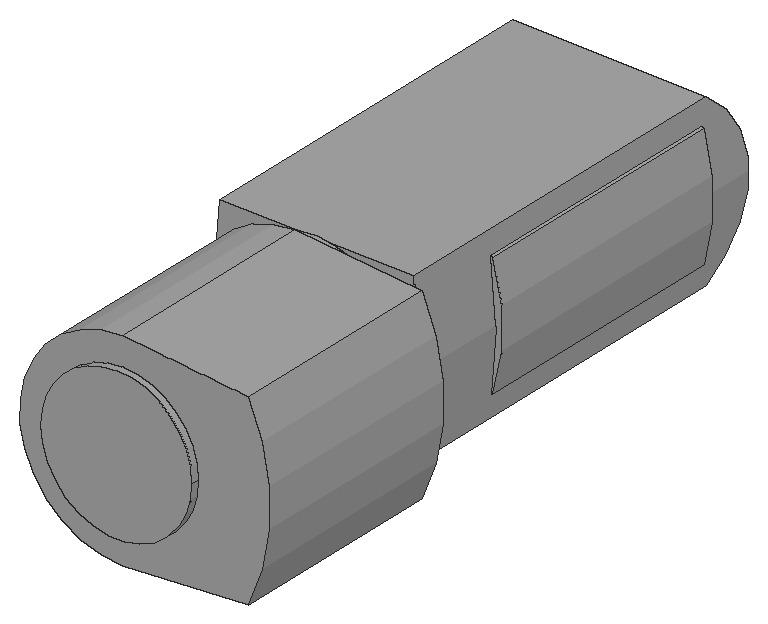
Revit family
Parameters (values of type "True Day/Night, AC/DC")
  z Video Out Side = 2.08661"
  z Video Out Height = 1.45669"
  z Side Edges = 2.48031"
  z Side Edge Right = 1.24016"
  z Side Edge Left = 1.24016"
  z Side Curves = 6.69291"
  z No Face Distance = 1.19291"
  z Mask Front = 0.000"  # constant formula
  z Mask Back = 5.47656"
  z Front Radius = 1.10236"
  z Front Depth = 0.22441"
  z Face Visibility = yes
  z Cosshairs = 1.41732"
  z Cam Type 2 = no
  z Cam Type 1 = yes
  z Back Radius = 1.3102"
  z Back Cut = 3.36614"
  z Back Cavity Width = 2.06698"
  z Back Cacity = 4.73318"
  z 300 310 = no
  z 290 Sides = yes
  z 290 Back = no
  z 284 Visible = no
  Width = 2.938"
  Wide Dynamic Range (Super Dynamic) = no
  Weight = 0.73 lbf
  Voltage AC = 24 V
  Vandal Resistant = no
  URL = "http://security.panasonic.com/pss/security/"
  Storage Temperature = "14°F - 122°F"  # constant formula
  Regulatory Compliance = "UL (UL60065), FCC (Part15 ClassA), C-UL (E60065), DOC (ICES003 ClassA)"
  Provide Feedback = "https://www.surveymonkey.com/s/95FL6QY"
  Product Page URL = "http://panasonic.net/pss/security/products/an/fc00.html#WVCP290"
  Product Material = Paint - Panasonic - Silver
  Product Documentation Link = "http://panasonic.net/pss/security/products/pdf/WV-CP290_2A-055AL.pdf"
  Power Active = 2.9 W
  Part Number = Model  # "WV-CP294"
  Part Description = Description  # "Day/Night Surveillance Camera"
  Original Creation Date = "August 13, 2012"
  Operational Temperature = "14°F - 122°F"  # constant formula
  Operational Humidity = "90% or less (without condensation)"
  Mounting Positions = "Mount Dependent"
  Model Disclaimer = "Contact Panasonic for more information"  # constant formula
  Model = "WV-CP294"
  Minimum Illumination = 0.6 lx
  Manufacturer = "Panasonic"  # constant formula
  Lens Selection [instance] = Family Lenses 27 : WV-LZ61/15
  Lens Mount = "CS Mount"
  Indoor Or Outdoor = "Indoor"
  IP Or Analog = "Analog"
  Height = 2.563"
  Family Version = "1.0.0"
  Equipment Number = " "
  Equipment Abbreviation = "SC"
  Description = "Day/Night Surveillance Camera"
  Depth = 5.375"
  Day Or Night = "Yes"
  Date Last Modified = "August 13, 2012"
  Copyright = "Copyright © Panasonic"  # constant formula
  Communication Ports = "BNC (1 Vp-p)"
  Auto Back Focus = no
  Assembly Code = ""
  Angle Of View = "Lens Dependent"
  Alarm Input Or Output Specification = " "
Types (10): name | z Video Out Side | z Video Out Height | z No Face Distance | z Mask Back | z Front Radius | z Face Visibility | z Cosshairs | z Cam Type 2 | z Cam Type 1 | z Back Cut | z Back Cacity | z 300 310 | z 290 Sides | z 290 Back | z 284 Visible | Width | Wide Dynamic Range (Super Dynamic) | Weight | Voltage AC | Regulatory Compliance | Product Page URL | Product Documentation Link | Power Active | Part Number | Part Description | Model | Minimum Illumination | Height | Description | Depth | Auto Back Focus | Alarm Input Or Output Specification
  High-Performance DSP, AC | 0.72835" | 0.7874" | 1.19291" | 5.47894" | 1.05118" | yes | 1.41732" | no | yes | 3.36614" | 4.73318" | no | no | no | no | 2.625" | no | 1.12 lbf | 120 V | "FCC (Part15 ClassA)" | "http://panasonic.net/pss/security/products/an/fc00.html#WVCP280" | "http://panasonic.net/pss/security/products/pdf/WV-CP280_2P-544C.pdf" | 3.4 W | "WV-CP280" | "Day/Night Surveillance Camera" | "WV-CP280" | 0.6 lx | 2.563" | "Day/Night Surveillance Camera" | 5.500" | no | " "
  High-Performance DSP, AC/DC | 0.72835" | 0.7874" | 1.19291" | 5.47308" | 1.05118" | yes | 1.41732" | no | yes | 3.36614" | 4.73318" | no | no | no | yes | 2.625" | no | 0.77 lbf | 24 V | "FCC (Part15 ClassA)" | "http://panasonic.net/pss/security/products/an/fc00.html#WVCP280" | "http://panasonic.net/pss/security/products/pdf/WV-CP280_2P-544C.pdf" | 2.7 W | "WV-CP284" | "Day/Night Surveillance Camera" | "WV-CP284" | 0.6 lx | 2.563" | "Day/Night Surveillance Camera" | 5.500" | no | " "
  True Day/Night, AC | 2.08661" | 1.45669" | 1.19291" | 5.47894" | 1.10236" | yes | 1.41732" | no | yes | 3.36614" | 4.73318" | no | yes | yes | no | 2.938" | no | 0.80 lbf | 120 V | "UL (UL60065), FCC (Part15 ClassA), C-UL (E60065), DOC (ICES003 ClassA)" | "http://panasonic.net/pss/security/products/an/fc00.html#WVCP290" | "http://panasonic.net/pss/security/products/pdf/WV-CP290_2A-055AL.pdf" | 2.5 W | "WV-CP290" | "Day/Night Surveillance Camera" | "WV-CP290" | 0.6 lx | 2.563" | "Day/Night Surveillance Camera" | 5.375" | no | " "
  True Day/Night, AC/DC | 2.08661" | 1.45669" | 1.19291" | 5.47656" | 1.10236" | yes | 1.41732" | no | yes | 3.36614" | 4.73318" | no | yes | no | no | 2.938" | no | 0.73 lbf | 24 V | "UL (UL60065), FCC (Part15 ClassA), C-UL (E60065), DOC (ICES003 ClassA)" | "http://panasonic.net/pss/security/products/an/fc00.html#WVCP290" | "http://panasonic.net/pss/security/products/pdf/WV-CP290_2A-055AL.pdf" | 2.9 W | "WV-CP294" | "Day/Night Surveillance Camera" | "WV-CP294" | 0.6 lx | 2.563" | "Day/Night Surveillance Camera" | 5.375" | no | " "
  Day/Night, with ABS, AC | 2.08661" | 1.45669" | 1.41732" | 5.48675" | 1.10236" | no | 1.19291" | no | yes | 3.36614" | 4.73318" | no | yes | yes | no | 2.938" | yes | 0.93 lbf | 120 V | "UL (UL60065), FCC (Part15 ClassA), C-UL (CAN/CSA C22.2 No.60065), DOC (ICES003 ClassA)" | "http://panasonic.net/pss/security/products/an/fc00.html#WVCP500" | "http://panasonic.net/pss/security/products/pdf/WV-CP500_2A-043CL.pdf" | 3.2 W | "WV-CP500" | "Super Dynamic 5 Day/Night Camera with ABS" | "WV-CP500" | 0.1 lx | 2.563" | "Super Dynamic 5 Day/Night Camera with ABS" | 5.188" | no | "ALARM IN: 1 (OFF / ALARM / VMD PERMIT / BW / SCENE2) ALARM OUT: 1 (OFF / ALARM / BW)"
  Day/Night, with ABS and ABF, AC/DC | 0.72835" | 1.45669" | 1.41732" | 4.27734" | 1.10236" | no | 1.19291" | no | yes | 2.16535" | 3.54331" | no | yes | no | no | 2.813" | yes | 0.75 lbf | 24 V | "UL (UL60065), FCC (Part15 ClassA), C-UL (CAN/CSA C22.2 No.60065), DOC (ICES003 ClassA)" | "http://panasonic.net/pss/security/products/an/fc00.html#WVCP500" | "http://panasonic.net/pss/security/products/pdf/WV-CP500_2A-043CL.pdf" | 3.6 W | "WV-CP504" | "Super Dynamic 5 Day/Night Camera with ABS" | "WV-CP504" | 0.1 lx | 2.563" | "Super Dynamic 5 Day/Night Camera with ABS" | 4.063" | yes | "ALARM IN: 1 (OFF / ALARM / VMD PERMIT / BW / SCENE2) ALARM OUT: 1 (OFF / ALARM / BW)"
  Compact Day/Night - Electorical, AC | 1.88976" | 1.06299" | 1.41732" | 5.500" | 1.10236" | no | 1.41732" | yes | no | 3.36614" | 3.93701" | yes | no | no | no | 2.835" | yes | 0.42 lbf | 120 V | "UL (UL60065), FCC (Part 15 ClassA), C-UL (E60065), DOC (ICES-003)" | "http://panasonic.net/pss/security/products/an/fc00.html#WVCP300" | "http://ssbu-t.psn-web.net/Products/Analogue_camera/WV-CP300_Series/Specsheet/English/NTSC/WV-CP300_2A-082AL.pdf" | 1.9 W | "WV-CP300" | "Compact Day/Night Fixed Camera" | "WV-CP300" | 0.8 lx | 2.165" | "Compact Day/Night Fixed Camera" | 3.976" | no | " "
  Compact Day/Night - IR, AC | 1.88976" | 1.06299" | 1.41732" | 5.47894" | 1.10236" | no | 1.41732" | yes | no | 3.36614" | 3.93701" | yes | no | no | no | 2.835" | yes | 0.42 lbf | 120 V | "UL (UL60065), FCC (Part 15 ClassA), C-UL (E60065), DOC (ICES-003)" | "http://panasonic.net/pss/security/products/an/fc00.html#WVCP310" | "http://ssbu-t.psn-web.net/Products/Analogue_camera/WV-CP300_Series/Specsheet/English/NTSC/WV-CP300_2A-082AL.pdf" | 1.9 W | "WV-CP310" | "Compact Day/Night Fixed Camera" | "WV-CP310" | 0.8 lx | 2.165" | "Compact Day/Night Fixed Camera" | 3.976" | no | " "
  Compact Day/Night - Electorical, AC/DC | 1.88976" | 1.06299" | 1.41732" | 5.47504" | 1.10236" | no | 1.41732" | yes | no | 3.36614" | 3.14961" | no | no | no | no | 2.835" | yes | 0.35 lbf | 24 V | "UL (UL60065), FCC (Part 15 ClassA), C-UL (E60065), DOC (ICES-003)" | "http://panasonic.net/pss/security/products/an/fc00.html#WVCP300" | "http://ssbu-t.psn-web.net/Products/Analogue_camera/WV-CP300_Series/Specsheet/English/NTSC/WV-CP300_2A-082AL.pdf" | 2.3 W | "WV-CP304" | "Compact Day/Night Fixed Camera" | "WV-CP304" | 0.8 lx | 2.165" | "Compact Day/Night Fixed Camera" | 3.189" | no | " "
  Compact Day/Night - IR, AC/DC | 1.88976" | 1.06299" | 1.41732" | 5.47894" | 1.10236" | no | 1.41732" | yes | no | 3.36614" | 3.14961" | no | no | no | no | 2.835" | yes | 0.35 lbf | 24 V | "UL (UL60065), FCC (Part 15 ClassA), C-UL (E60065), DOC (ICES-003)" | "http://panasonic.net/pss/security/products/an/fc00.html#WVCP310" | "http://ssbu-t.psn-web.net/Products/Analogue_camera/WV-CP300_Series/Specsheet/English/NTSC/WV-CP300_2A-082AL.pdf" | 2.3 W | "WV-CP314" | "Compact Day/Night Fixed Camera" | "WV-CP314" | 0.8 lx | 2.165" | "Compact Day/Night Fixed Camera" | 3.189" | no | " "
Reference planes (in)
  plane 1 "Center (Front/Back)": y = 0
  plane 2: z = 0
  plane 3 "Center (Left/Right)": x = 0
  plane 4: y = 5.07874
  plane 5 "Face": y = -1.41732
  plane 6: z = 0.3937
  plane 7: z = 2.55906
  plane 8: x = -1.3189
  plane 9: x = 1.3189
  plane 10: x = -1.24016
  plane 11: x = 1.24016
  plane 12: y = -1.19291
  plane 13: z = 1.47638
  plane 14: y = 3.36614
  plane 15 "Back Cavity": y = 3.54026
  plane 16: x = -1.03349
  plane 17: x = 1.03349
  plane 18 "Crosshair": y = -1.41732
  plane 19 "No Face": y = -1.19291
  plane 20 "Far Back": y = 4.05924
  plane 21 "Far Left": x = -1.51964
  plane 22 "Far Right": x = 1.42663
  plane 23 "Front": y = -1.41732
Forms (in)
  Extrusion 1, solid, material "Paint - Panasonic - Silver" <- "Product Material", visible <- "z Cam Type 1"
    sketch origin (0, 0, 0) x (1, 0, 0) y (0, 0, 1)
      loop
        arc (-1.24016, 2.55906) -> (-1.32831, 1.47638) -> (-1.24016, 0.3937) r 6.69291
        line (-1.24016, 0.3937) -> (1.24016, 0.3937)
        arc (1.24016, 0.3937) -> (1.32831, 1.47638) -> (1.24016, 2.55906) r 6.69291
        line (1.24016, 2.55906) -> (-1.24016, 2.55906)
    from -5.07874 to 1.19291
  Blend 2, solid, material "Paint - Panasonic - Silver" <- "Product Material", detail levels fine
    base sketch origin (0, 0.04921, 0) x (1, 0, 0) y (0, 1, 0)
      loop
        line (-0.76772, -0.88583) -> (0.76772, -0.88583) -> (0.76772, 0.88583)
        arc (0.76772, 0.88583) -> (0, 1.17461) -> (-0.76772, 0.88583) r 1.16487
        line (-0.76772, 0.88583) -> (-0.76772, -0.88583)
    top sketch origin (0, 0.04921, 0) x (1, 0, 0) y (0, 1, 0)
      loop
        line (-0.57087, 0.79151) -> (-0.57087, -0.68898) -> (0.57087, -0.68898) -> (0.57087, 0.79151)
        arc (0.57087, 0.79151) -> (0, 0.97776) -> (-0.57087, 0.79151) r 0.96802
    from 0.3937 to 0
  Extrusion 3, solid, material "Paint - Panasonic - Silver" <- "Product Material", visible <- "z Face Visibility"
    sketch origin (0, 0, 0) x (1, 0, 0) y (0, 0, 1)
      loop
        circle (0, 1.47638) r 1.10236
    from 1.19291 to 1.41732
  Extrusion 4, void
    sketch origin (0, 0, 0) x (0, 1, 0) y (0, 0, 1)
      loop
        line (3.36614, 2.83718) -> (3.36614, 2.63454)
        arc (3.36614, 2.63454) -> (4.05577, 1.48063) -> (3.36614, 0.32672) r 1.3102
        line (3.36614, 0.32672) -> (3.36614, 0.15733) -> (6.81168, 0.15733) -> (6.81168, 2.83718) -> (3.36614, 2.83718)
    from -1.88656 to 2.14505
  Extrusion 5, void
    sketch origin (0, 0, 0) x (1, 0, 0) y (0, 1, 0)
      loop
        line (-0.83664, 3.54026) -> (0.84065, 3.54026)
        arc (0.84065, 3.54026) -> (0.97984, 3.59792) -> (1.0375, 3.73711) r 0.19685
        line (1.0375, 3.73711) -> (1.0375, 6.13254) -> (-1.03349, 6.13254) -> (-1.03349, 3.73711)
        arc (-1.03349, 3.73711) -> (-0.97583, 3.59792) -> (-0.83664, 3.54026) r 0.19685
    from 0 to 2.78018
  Extrusion 6, solid, material "Paint - Panasonic - Silver" <- "Product Material", detail levels fine
    sketch origin (0, 3.54026, 0) x (1, 0, 0) y (0, 0, 1)
      loop
        circle (-0.76772, 1.85039) r 0.19685
    from -0.39104 to 0
  Extrusion 7, solid, material "Paint - Panasonic - Silver" <- "Product Material", visible <- "z 290 Sides", detail levels fine
    sketch origin (0, 0, 0) x (1, 0, 0) y (0, 0, 1)
      loop
        arc (-1.41856, 2.15972) -> (-1.51964, 1.47638) -> (-1.41856, 0.79304) r 2.36042
        line (-1.41856, 0.79304) -> (-1.24016, 0.70984) -> (-1.24016, 2.24291) -> (-1.41856, 2.15972)
      loop
        line (1.30458, 2.25869) -> (0.76772, 2.50903) -> (0.76772, 0.45905) -> (1.3065, 0.71029)
        arc (1.3065, 0.71029) -> (1.42663, 1.48464) -> (1.30458, 2.25869) r 2.53545
    from -3.36614 to 0
  Extrusion 8, solid, material "Paint - Panasonic - Silver" <- "Product Material", visible <- "z Cam Type 2"
    sketch origin (0, 0, 0) x (1, 0, 0) y (0, 0, 1)
      loop
        arc (-0.91723, 2.55906) -> (-1.0198, 2.53022) -> (-1.09232, 2.45216) r 0.19685
        arc (-1.09232, 2.45216) -> (-1.32831, 1.47638) -> (-1.09232, 0.5006) r 2.13539
        arc (-1.09232, 0.5006) -> (-1.0198, 0.42254) -> (-0.91723, 0.3937) r 0.19685
        line (-0.91723, 0.3937) -> (0.91723, 0.3937)
        arc (0.91723, 0.3937) -> (1.0198, 0.42254) -> (1.09232, 0.5006) r 0.19685
        arc (1.09232, 0.5006) -> (1.32831, 1.47638) -> (1.09232, 2.45216) r 2.13539
        arc (1.09232, 2.45216) -> (1.0198, 2.53022) -> (0.91723, 2.55906) r 0.19685
        line (0.91723, 2.55906) -> (-0.91723, 2.55906)
    from -3.54026 to 1.41732
  Sweep 9, void
    path in 3D
      loop
        arc (0.91723, 3.54026, 2.55906) -> (1.0198, 3.54026, 2.53022) -> (1.09232, 3.54026, 2.45216) r 0.19685
        arc (1.09232, 3.54026, 2.45216) -> (1.32831, 3.54026, 1.47638) -> (1.09232, 3.54026, 0.5006) r 2.13539
        arc (1.09232, 3.54026, 0.5006) -> (1.0198, 3.54026, 0.42254) -> (0.91723, 3.54026, 0.3937) r 0.19685
        line (0.91723, 3.54026, 0.3937) -> (-0.91723, 3.54026, 0.3937)
        arc (-0.91723, 3.54026, 0.3937) -> (-1.0198, 3.54026, 0.42254) -> (-1.09232, 3.54026, 0.5006) r 0.19685
        arc (-1.09232, 3.54026, 0.5006) -> (-1.32831, 3.54026, 1.47638) -> (-1.09232, 3.54026, 2.45216) r 2.13539
        arc (-1.09232, 3.54026, 2.45216) -> (-1.0198, 3.54026, 2.53022) -> (-0.91723, 3.54026, 2.55906) r 0.19685
        line (-0.91723, 3.54026, 2.55906) -> (0.91723, 3.54026, 2.55906)
    profile origin (0, 3.54026, 2.55906) x (0, 1, 0) y (0, 0, 1)
      loop
        arc (-0.11811, 0) -> (-0.03459, -0.03459) -> (0, -0.11811) r 0.11811
        line (0, -0.11811) -> (0, 0) -> (-0.11811, 0)
Cuts and joins
  Extrusion 4, Extrusion 5 cuts Extrusion 1
  Sweep 9 cuts Extrusion 8
Lines and regions (in)
  Masking region 1
    outline origin (0, 0, 0) x (1, 0, 0) y (0, 1, 0)
      loop
        line (-1.51964, 4.05924) -> (-1.51964, -1.41732) -> (1.42663, -1.41732) -> (1.42663, 4.05924) -> (-1.51964, 4.05924)
  model lines, visible <- "z 284 Visible", detail levels fine
    curve 1: line (0.36304, 3.54026, 2.01056) -> (-0.90334, 3.54026, 2.01056)
    curve 2: line (0.36304, 3.54026, 1.4686) -> (0.36304, 3.54026, 2.01056)
    curve 3: line (-0.90334, 3.54026, 1.4686) -> (-0.31305, 3.54026, 1.4686)
    curve 4: line (-0.90334, 3.54026, 2.01056) -> (-0.90334, 3.54026, 1.4686)
    curve 5: arc (-0.31305, 3.54026, 1.29962) -> (-0.13153, 3.54026, 1.1181) -> (0.04999, 3.54026, 1.29962) r 0.18152
    curve 6: line (-0.31305, 3.54026, 1.29962) -> (-0.31305, 3.54026, 1.4686)
    curve 7: line (0.04999, 3.54026, 1.29962) -> (0.04999, 3.54026, 1.4686)
    curve 8: line (0.04999, 3.54026, 1.4686) -> (0.36304, 3.54026, 1.4686)
    curve 9: circle (0.17914, 3.54026, 1.76491) r 0.11024 normal (0, -1, 0)
    curve 10: circle (-0.12324, 3.54026, 1.76491) r 0.11024 normal (0, -1, 0)
    curve 11: circle (-0.42182, 3.54026, 1.76491) r 0.11024 normal (0, -1, 0)
    curve 12: circle (-0.72419, 3.54026, 1.76491) r 0.11024 normal (0, -1, 0)
    curve 13: circle (-0.13092, 3.54026, 1.30139) r 0.12598 normal (0, -1, 0)
  reference lines
    curve 14: line (0.3937, 3.54026, 1.85039) -> (1.82735, 3.54026, 1.85039)
    curve 15: line (-0.76772, 3.54026, 3.96223) -> (-0.76772, 3.54026, 0.81262)
  model lines, visible <- "z 290 Back", detail levels fine
    curve 16: line (0.91154, 3.54026, 1.70968) -> (-0.2159, 3.54026, 1.70968)
    curve 17: line (0.9706, 3.54026, 0.80596) -> (0.9706, 3.54026, 1.65063)
    curve 18: line (-0.2159, 3.54026, 0.74691) -> (0.91154, 3.54026, 0.74691)
    curve 19: line (-0.27495, 3.54026, 1.65063) -> (-0.27495, 3.54026, 0.80596)
    curve 20: arc (0.9706, 3.54026, 1.65063) -> (0.9533, 3.54026, 1.69238) -> (0.91154, 3.54026, 1.70968) r 0.05906
    curve 21: arc (-0.2159, 3.54026, 1.70968) -> (-0.25765, 3.54026, 1.69238) -> (-0.27495, 3.54026, 1.65063) r 0.05906
    curve 22: arc (-0.27495, 3.54026, 0.80596) -> (-0.25765, 3.54026, 0.7642) -> (-0.2159, 3.54026, 0.74691) r 0.05906
    curve 23: arc (0.91154, 3.54026, 0.74691) -> (0.9533, 3.54026, 0.7642) -> (0.9706, 3.54026, 0.80596) r 0.05906
    curve 24: line (0.91154, 3.54026, 1.68212) -> (-0.2159, 3.54026, 1.68212)
    curve 25: line (0.94304, 3.54026, 0.80596) -> (0.94304, 3.54026, 1.65063)
    curve 26: arc (0.94304, 3.54026, 1.65063) -> (0.93381, 3.54026, 1.6729) -> (0.91154, 3.54026, 1.68212) r 0.0315
    curve 27: line (-0.24739, 3.54026, 1.65063) -> (-0.24739, 3.54026, 0.80596)
    curve 28: arc (-0.2159, 3.54026, 1.68212) -> (-0.23817, 3.54026, 1.6729) -> (-0.24739, 3.54026, 1.65063) r 0.0315
    curve 29: line (-0.2159, 3.54026, 0.77447) -> (0.91154, 3.54026, 0.77447)
    curve 30: arc (-0.24739, 3.54026, 0.80596) -> (-0.23817, 3.54026, 0.78369) -> (-0.2159, 3.54026, 0.77447) r 0.0315
    curve 31: arc (0.91154, 3.54026, 0.77447) -> (0.93381, 3.54026, 0.78369) -> (0.94304, 3.54026, 0.80596) r 0.0315
    curve 32: line (0.7018, 3.54026, 0.90296) -> (-0.01262, 3.54026, 0.90296)
    curve 33: line (0.81991, 3.54026, 1.33865) -> (0.81991, 3.54026, 1.02107)
    curve 34: line (0.07848, 3.54026, 1.54786) -> (0.6107, 3.54026, 1.54786)
    curve 35: line (-0.13073, 3.54026, 1.02107) -> (-0.13073, 3.54026, 1.33865)
    curve 36: line (0.07848, 3.54026, 1.54786) -> (-0.13073, 3.54026, 1.33865)
    curve 37: line (0.6107, 3.54026, 1.54786) -> (0.81991, 3.54026, 1.33865)
    curve 38: arc (0.81991, 3.54026, 1.02107) -> (0.78532, 3.54026, 0.93755) -> (0.7018, 3.54026, 0.90296) r 0.11811
    curve 39: arc (-0.01262, 3.54026, 0.90296) -> (-0.09614, 3.54026, 0.93755) -> (-0.13073, 3.54026, 1.02107) r 0.11811
    curve 40: line (0.38643, 3.54026, 1.38719) -> (0.30275, 3.54026, 1.38719)
    curve 41: line (0.30275, 3.54026, 1.22652) -> (0.38643, 3.54026, 1.22652)
    curve 42: line (0.30275, 3.54026, 1.38719) -> (0.30275, 3.54026, 1.22652)
    curve 43: line (0.38643, 3.54026, 1.38719) -> (0.38643, 3.54026, 1.22652)
    curve 44: line (0.65863, 3.54026, 1.23003) -> (0.57495, 3.54026, 1.23003)
    curve 45: line (0.57495, 3.54026, 1.06936) -> (0.65863, 3.54026, 1.06936)
    curve 46: line (0.57495, 3.54026, 1.23003) -> (0.57495, 3.54026, 1.06936)
    curve 47: line (0.65863, 3.54026, 1.23003) -> (0.65863, 3.54026, 1.06936)
    curve 48: line (0.03055, 3.54026, 1.23003) -> (0.11423, 3.54026, 1.23003)
    curve 49: line (0.11423, 3.54026, 1.06936) -> (0.03055, 3.54026, 1.06936)
    curve 50: line (0.11423, 3.54026, 1.23003) -> (0.11423, 3.54026, 1.06936)
    curve 51: line (0.03055, 3.54026, 1.23003) -> (0.03055, 3.54026, 1.06936)
  sketch lines
    curve 52: line (-0.91723, 3.54026, 2.55906) -> (0.91723, 3.54026, 2.55906)
    curve 53: arc (1.09232, 3.54026, 2.45216) -> (1.0198, 3.54026, 2.53022) -> (0.91723, 3.54026, 2.55906) r 0.19685
    curve 54: arc (-0.91723, 3.54026, 2.55906) -> (-1.0198, 3.54026, 2.53022) -> (-1.09232, 3.54026, 2.45216) r 0.19685
    curve 55: arc (-1.09232, 3.54026, 2.45216) -> (-1.32831, 3.54026, 1.47638) -> (-1.09232, 3.54026, 0.5006) r 2.13539
    curve 56: arc (-1.09232, 3.54026, 0.5006) -> (-1.0198, 3.54026, 0.42254) -> (-0.91723, 3.54026, 0.3937) r 0.19685
    curve 57: line (0.91723, 3.54026, 0.3937) -> (-0.91723, 3.54026, 0.3937)
    curve 58: arc (0.91723, 3.54026, 0.3937) -> (1.0198, 3.54026, 0.42254) -> (1.09232, 3.54026, 0.5006) r 0.19685
    curve 59: arc (1.09232, 3.54026, 0.5006) -> (1.32831, 3.54026, 1.47638) -> (1.09232, 3.54026, 2.45216) r 2.13539
  model lines, visible <- "z 300 310", detail levels fine
    curve 60: line (0.76387, 3.54026, 1.60992) -> (-0.06977, 3.54026, 1.60992)
    curve 61: line (0.76387, 3.54026, 1.14634) -> (0.76387, 3.54026, 1.60992)
    curve 62: line (-0.06977, 3.54026, 1.14634) -> (0.76387, 3.54026, 1.14634)
    curve 63: line (-0.06977, 3.54026, 1.60992) -> (-0.06977, 3.54026, 1.14634)
    curve 64: line (0.7245, 3.54026, 1.57055) -> (-0.0304, 3.54026, 1.57055)
    curve 65: line (0.7245, 3.54026, 1.18571) -> (0.7245, 3.54026, 1.57055)
    curve 66: line (-0.0304, 3.54026, 1.18571) -> (0.7245, 3.54026, 1.18571)
    curve 67: line (-0.0304, 3.54026, 1.57055) -> (-0.0304, 3.54026, 1.18571)
    curve 68: circle (0.50323, 3.54026, 1.37316) r 0.03937 normal (0, -1, 0)
    curve 69: circle (0.19087, 3.54026, 1.37316) r 0.03937 normal (0, 1, 0)
    curve 70: line (0.50323, 3.54026, 1.53064) -> (0.3937, 3.54026, 1.53064)
    curve 71: line (0.50323, 3.54026, 1.21568) -> (0.3937, 3.54026, 1.21568)
    curve 72: arc (0.33365, 3.54026, 1.45433) -> (0.34705, 3.54026, 1.44907) -> (0.36045, 3.54026, 1.45433) r 0.01969
    curve 73: line (0.36045, 3.54026, 1.45433) -> (0.3937, 3.54026, 1.53064)
    curve 74: line (0.33365, 3.54026, 1.45433) -> (0.3004, 3.54026, 1.53064)
    curve 75: arc (0.33365, 3.54026, 1.29198) -> (0.34705, 3.54026, 1.29725) -> (0.36045, 3.54026, 1.29198) r 0.01969
    curve 76: line (0.36045, 3.54026, 1.29198) -> (0.3937, 3.54026, 1.21568)
    curve 77: line (0.33365, 3.54026, 1.29198) -> (0.3004, 3.54026, 1.21568)
    curve 78: line (0.3004, 3.54026, 1.53064) -> (0.19087, 3.54026, 1.53064)
    curve 79: arc (0.19087, 3.54026, 1.21568) -> (0.03339, 3.54026, 1.37316) -> (0.19087, 3.54026, 1.53064) r 0.15748
    curve 80: arc (0.50323, 3.54026, 1.21568) -> (0.66071, 3.54026, 1.37316) -> (0.50323, 3.54026, 1.53064) r 0.15748
    curve 81: line (0.3004, 3.54026, 1.21568) -> (0.19087, 3.54026, 1.21568)
Dimensions and locks (in)
  locked: plane 6 to plane 2 at 0.3937
  plane 7 to plane 6 = 2.16535"
  locked: plane 5 "Face" to plane 1 "Center (Front/Back)" at 1.41732
  plane 4 to plane 5 "Face" = 6.49606"
  "z Front Depth": plane 12 to plane 5 "Face"
  plane 13 to plane 6 = 1.08268"
  "z Back Cut": plane 1 "Center (Front/Back)" to plane 14
  "z Back Cacity": plane 12 to plane 15 "Back Cavity"
  equal spacing: plane 16, plane 3 "Center (Left/Right)", plane 17
  "z Back Cavity Width": plane 16 to plane 17
  plane 3 "Center (Left/Right)" to plane 8 = 1.3189"
  "z Side Edge Left": plane 3 "Center (Left/Right)" to plane 10
  "z Side Edge Right": plane 11 to plane 3 "Center (Left/Right)"
  "z Video Out Height": plane 6 to curve 14
  "z Video Out Side": curve 15 to plane 9
  "z Cosshairs": plane 18 "Crosshair" to plane 1 "Center (Front/Back)"
  plane 5 "Face" to plane 1 "Center (Front/Back)" = 1.41732"
  "z No Face Distance": plane 19 "No Face" to plane 1 "Center (Front/Back)"
  plane 12 to plane 1 "Center (Front/Back)" = 1.19291"
  plane 21 "Far Left" to plane 8 = 0.20074"  (x2)
  plane 22 "Far Right" to plane 9 = 0.10774"
  "z Mask Front": plane 23 "Front" to plane 5 "Face"
  "z Mask Back": plane 20 "Far Back" to plane 23 "Front"
  plane 4 to plane 20 "Far Back" = 1.0195"
  plane 4 to plane 20 "Far Back" to cut or joined group of Extrusion 8, Sweep 9 = 1.0195", 0.51898"
  Blend 2 to plane 19 "No Face" to plane 23 "Front" = 0.3563", 0.22441"
  "z Side Curves": radius of Extrusion 1 sketch curve  (x2)
  "z Front Radius": radius of Extrusion 3 sketch curve
  "z Back Radius": radius of Extrusion 4 sketch curve
  aligned and locked: plane 2 to level
  aligned and locked: plane 11 to Extrusion 1 sketch curve  (x2)
  aligned and locked: plane 10 to Extrusion 1 sketch curve  (x2)
  aligned: Extrusion 1 to plane 5 "Face"
  aligned and locked: plane 4 to Extrusion 1
  aligned and locked: Blend 2 to plane 6
  aligned and locked: Blend 2 to plane 2
  aligned: plane 12 to Extrusion 1
  aligned and locked: Extrusion 3 to plane 12
  aligned and locked: Extrusion 3 to plane 5 "Face"
  aligned and locked: Extrusion 4 to plane 14  (x2)
  aligned and locked: Extrusion 6 to plane 15 "Back Cavity"
  aligned and locked: curve 15 to Extrusion 6 sketch curve
  aligned and locked: Extrusion 6 sketch curve to curve 14
  aligned and locked: plane 14 to Extrusion 7
  aligned and locked: Extrusion 8 to plane 15 "Back Cavity"
  aligned: Extrusion 8 to plane 18 "Crosshair"
  aligned and locked: plane 19 "No Face" to cut or joined group of Extrusion 1, Extrusion 4, Extrusion 5
  aligned and locked: Masking region 1 to plane 20 "Far Back"
  aligned and locked: Masking region 1 to plane 22 "Far Right"
  aligned and locked: Masking region 1 to plane 23 "Front"
  aligned and locked: plane 21 "Far Left" to Masking region 1
Automatic sketch dimensions
  Blend 2 sketch curve to plane 3 "Center (Left/Right)" = 0.000"  (x2)
  Blend 2 sketch curve to plane 1 "Center (Front/Back)" = 0.05895"  (x2)
  Blend 2 sketch curve to plane 1 "Center (Front/Back)" = 0.84073"
  plane 1 "Center (Front/Back)" to Blend 2 sketch curve = 0.63976"
  Blend 2 sketch curve to plane 3 "Center (Left/Right)" = 0.57087"
  plane 3 "Center (Left/Right)" to Blend 2 sketch curve = 0.57087"
  Extrusion 3 sketch curve to plane 3 "Center (Left/Right)" = 0.000"
  Extrusion 3 sketch curve to plane 13 = 0.000"
  curve 3 to plane 13 = 0.00778"
  curve 3 to plane 16 = 0.13015"
  curve 1 to curve 12 = 0.17915"
  curve 12 to curve 11 = 0.30238"
  curve 5 to curve 13 = 0.00061"
  curve 10 to plane 3 "Center (Left/Right)" = 0.12324"
  curve 7 to plane 13 = 0.00778"
  plane 3 "Center (Left/Right)" to curve 7 = 0.04999"
  plane 3 "Center (Left/Right)" to curve 9 = 0.17914"
  curve 9 to curve 2 = 0.1839"
  curve 13 to plane 13 = 0.17499"
  plane 13 to curve 11 = 0.28853"
  plane 13 to curve 9 = 0.28853"
  curve 9 to curve 2 = 0.24565"
  curve 12 to curve 1 = 0.24565"
  plane 3 "Center (Left/Right)" to curve 14 = 0.3937"
  curve 14 to plane 9 = 0.50846"
  curve 15 to curve 14 = 1.03777"
  curve 14 to curve 15 = 2.11183"
  curve 21 to curve 28 = 0.000"  (x2)
  curve 22 to curve 30 = 0.000"  (x2)
  curve 23 to curve 31 = 0.000"
  curve 3 to curve 19 = 0.0381"
  curve 19 to curve 27 = 0.02756"
  curve 28 to curve 21 = 0.0315"
  curve 27 to curve 22 = 0.0315"
  curve 39 to plane 3 "Center (Left/Right)" = 0.13073"
  curve 13 to curve 35 = 0.00018"
  curve 32 to plane 3 "Center (Left/Right)" = 0.01262"
  plane 3 "Center (Left/Right)" to curve 51 = 0.03055"
  plane 3 "Center (Left/Right)" to curve 36 = 0.07848"
  curve 48 to curve 50 = 0.08368"
  curve 40 to curve 2 = 0.06029"
  curve 41 to curve 43 = 0.08368"
  curve 41 to curve 46 = 0.18852"
  curve 45 to curve 45 = 0.08368"
  curve 45 to curve 38 = 0.04317"
  curve 16 to plane 17 = 0.12195"
  curve 16 to curve 26 = 0.000"
  curve 31 to plane 17 = 0.12195"
  curve 20 to curve 25 = 0.0315"
  curve 50 to curve 7 = 0.06958"
  curve 41 to curve 48 = 0.00352"
  curve 51 to curve 48 = 0.16067"
  curve 45 to curve 44 = 0.16067"
  curve 38 to curve 45 = 0.0483"
  curve 39 to curve 49 = 0.0483"
  curve 31 to curve 32 = 0.09699"
  curve 13 to curve 36 = 0.03726"
  curve 33 to plane 13 = 0.13773"
  curve 42 to plane 13 = 0.08919"
  plane 13 to curve 34 = 0.07148"
  curve 27 to curve 10 = 0.11428"
  plane 13 to curve 17 = 0.17425"
  curve 26 to curve 17 = 0.000"
  Extrusion 1 sketch curve to plane 13 = 0.000"
  Extrusion 1 sketch curve to plane 6 = 0.000"
  Blend 2 sketch curve to plane 16 = 0.26577"
  Blend 2 sketch curve to plane 17 = 0.26577"
  Blend 2 sketch curve to plane 12 = 0.3563"
  Blend 2 sketch curve to plane 1 "Center (Front/Back)" = 0.93504"
  Extrusion 4 sketch curve to plane 14 = 0.000"  (x2)
  plane 13 to Extrusion 4 sketch curve = 0.00425"
  Extrusion 4 sketch curve to plane 14 = 0.62058"
  level to Extrusion 4 sketch curve = 0.15733"
  plane 4 to Extrusion 4 sketch curve = 1.73294"
  plane 7 to Extrusion 4 sketch curve = 0.27812"
  Extrusion 5 sketch curve to plane 16 = 0.000"
  plane 15 "Back Cavity" to Extrusion 5 sketch curve = 0.000"
  Extrusion 5 sketch curve to plane 15 "Back Cavity" = 0.19685"
  Extrusion 5 sketch curve to plane 17 = 0.19284"
  plane 17 to Extrusion 5 sketch curve = 0.00401"
  plane 4 to Extrusion 5 sketch curve = 1.0538"
  Extrusion 7 sketch curve to plane 10 = 0.000"
  Extrusion 7 sketch curve to plane 13 = 0.000"
  Extrusion 7 sketch curve to plane 8 = 0.09967"  (x2)
  plane 13 to Extrusion 7 sketch curve = 0.0051"
  plane 16 to Extrusion 7 sketch curve = 0.07533"
  Extrusion 7 sketch curve to plane 17 = 0.19271"
  plane 11 to Extrusion 7 sketch curve = 0.47244"
  plane 9 to Extrusion 7 sketch curve = 0.01432"
  plane 9 to Extrusion 7 sketch curve = 0.01239"
  plane 6 to Extrusion 7 sketch curve = 0.39933"
  plane 6 to Extrusion 7 sketch curve = 0.31659"
  Extrusion 7 sketch curve to Extrusion 7 sketch curve = 0.08319"  (x2)
  Extrusion 7 sketch curve to Extrusion 7 sketch curve = 0.25124"
  Extrusion 7 sketch curve to Extrusion 7 sketch curve = 0.25034"
  Extrusion 8 sketch curve to plane 6 = 0.000"
  Extrusion 8 sketch curve to plane 7 = 0.000"
  Extrusion 8 sketch curve to plane 13 = 0.000"  (x2)
  plane 16 to Extrusion 8 sketch curve = 0.05884"  (x2)
  Extrusion 8 sketch curve to Extrusion 8 sketch curve = 0.000"  (x3)
  Extrusion 8 sketch curve to plane 16 = 0.11626"
  Extrusion 8 sketch curve to plane 16 = 0.22641"
  Extrusion 8 sketch curve to plane 17 = 0.22641"
  Extrusion 8 sketch curve to plane 17 = 0.11626"  (x2)
  plane 17 to Extrusion 8 sketch curve = 0.05884"  (x2)
  Sweep 9 sketch curve to profile plane = 0.000"  (x2)
  Sweep 9 sketch curve to Sweep 9 sketch curve = 0.11811"
  curve 68 to curve 80 = 0.000"  (x2)
  curve 69 to curve 79 = 0.000"  (x2)
  curve 63 to plane 3 "Center (Left/Right)" = 0.06977"
  curve 64 to plane 3 "Center (Left/Right)" = 0.0304"
  curve 79 to curve 40 = 0.11188"
  curve 77 to curve 41 = 0.00235"
  curve 78 to curve 2 = 0.06264"
  plane 13 to curve 74 = 0.05426"
  curve 74 to plane 13 = 0.02204"
  curve 41 to curve 77 = 0.0309"
  curve 75 to curve 75 = 0.0134"  (x2)
  curve 72 to plane 13 = 0.00763"
  curve 72 to curve 2 = 0.01598"
  curve 73 to plane 13 = 0.02204"
  curve 73 to curve 2 = 0.00258"
  curve 41 to curve 71 = 0.00727"
  curve 2 to curve 70 = 0.03067"
  plane 13 to curve 73 = 0.05426"
  curve 71 to curve 44 = 0.07171"
  curve 44 to curve 66 = 0.06587"
  curve 34 to curve 64 = 0.1138"
  curve 65 to curve 61 = 0.03937"
  curve 49 to curve 62 = 0.07698"
  curve 62 to curve 66 = 0.03937"
  curve 77 to curve 41 = 0.01084"
  curve 80 to curve 44 = 0.01436"
  curve 76 to curve 41 = 0.01084"
  curve 41 to curve 75 = 0.05104"
  curve 75 to curve 77 = 0.01442"
  curve 80 to plane 13 = 0.10322"
  plane 13 to curve 64 = 0.09417"
  curve 64 to curve 61 = 0.03937"
  plane 21 "Far Left" to Masking region 1 sketch curve = 0.000"
  Masking region 1 sketch curve to plane 22 "Far Right" = 0.000"
  Masking region 1 sketch curve to plane 23 "Front" = 0.000"
  Masking region 1 sketch curve to plane 20 "Far Back" = 0.000"
  radius of curve 9 = 0.11024"
  radius of curve 10 = 0.11024"
  radius of curve 11 = 0.11024"
  radius of curve 12 = 0.11024"
  radius of curve 13 = 0.12598"
  radius of Extrusion 6 sketch curve = 0.19685"
  radius of curve 68 = 0.03937"
  radius of curve 69 = 0.03937"
Nested families (in)
  nested 1: "Family Lenses 27" at (0.002, -1.41732, 1.47638) x (1, 0, 0) z (0, -1, 0), type <- "Lens Selection", Product Material <- "Product Material", type "WV-LZ61/15"
    with Product Material Paint - Panasonic - Silver
Connectors (in)
  electrical at (0, 3.54026, 1.47638), driven by "Power Active", driven by "Voltage AC"
    settings: on Extrusion 8, index 1, voltage 24 V, apparent load 2.9 W, apparent load phase1 0.0 W, apparent load phase2 0.0 W, apparent load phase3 0.0 W, power factor 1, load classification "Other", number of poles 1, system type 30, power factor state 1, is connector primary yes, connector utility no, sub classification motor no, connector description "Power Connector"
Definition of nested family "Family Lenses 27"
  Parameters (values of type "WV-LZA62/2")
    z Tube = yes
    z Tip = no
    z Tail Width = 1.1811"
    z Tail Length = 1.47638"
    z Tail Bump = z Tail Width  # 1.1811"
    z Masking Region Tail = z Tail Width * 1.118  # 1.32047"
    z Mask 3 = yes
    z Mask 1 = no
    z Lens Radius = 0.74803"
    z Lens Masking = 0.15748"  # constant formula
    z Lens Depth = 0.48425"
    z Case Radius = 1.02362"
    z Case Depth = 2.39764"
    z Case = z Case Radius * 2  # 2.04724"
    z Bullet Bill Base = 0.000"
    z Bullet Bill = no
    z Bob-omb Radius = 1.1811"
    z Bob-omb Height = 2.39764"
    z Bob-omb = yes
    Product Material [instance] = Paint - Panasonic - Silver
    Assembly Code = ""
  Types (4): name | z Tip | z Tail Width | z Tail Length | z Tail Bump | z Masking Region Tail | z Mask 3 | z Mask 1 | z Lens Radius | z Lens Depth | z Case Radius | z Case Depth | z Case | z Bullet Bill Base | z Bullet Bill | z Bob-omb Radius | z Bob-omb Height | z Bob-omb | Product Material
    WV-LZ61/15 | yes | 2.38189" | 1.61417" | 2.38189" | 2.66295" | no | yes | 0.96457" | 0.09843" | 1.3189" | 2.75591" | 2.6378" | 0.11811" | yes | 1.06299" | 0.11811" | yes | none
    WV-LZA61/2S | yes | 1.1811" | 1.29921" | 1.1811" | 1.32047" | no | yes | 0.76772" | 0.3937" | 1.04331" | 1.38976" | 2.08661" | 0.000" | yes | 1.04331" | 0.3937" | no | none
    WV-LZA62/2 | no | 1.1811" | 1.47638" | 1.1811" | 1.32047" | yes | no | 0.74803" | 0.48425" | 1.02362" | 2.39764" | 2.04724" | 0.000" | no | 1.1811" | 2.39764" | yes | Paint - Panasonic - Silver
    WV-LZ62/8S | yes | 1.1811" | 1.37795" | 1.1811" | 1.32047" | no | yes | 0.9252" | 0.90551" | 0.98425" | 1.49606" | 1.9685" | 0.000" | yes | 1.02362" | 0.3937" | no | none
  Reference planes (in)
    plane 1 "Center (Front/Back)": y = 0
    plane 2: z = 0
    plane 3 "Center (Left/Right)": x = 0
    plane 4: y = 0.59055
    plane 5: y = 1.02362
    plane 6: y = -0.59055
    plane 7: y = -1.02362
    plane 8: x = 1.47638
    plane 9: x = 0.29528
    plane 10: z = 2.39764
    plane 11: z = 2.88189
    plane 12: x = -0.74803
    plane 13: x = -1.02362
    plane 14: x = 0.74803
    plane 15: x = 1.61575
    plane 16: z = 0
    plane 17: z = 2.39764
    plane 18: x = -1.1811
    plane 19: x = 1.1811
    plane 20: z = 3.03937
  Forms (in)
    Extrusion 1, solid, material "Paint - Panasonic - Silver" <- "Product Material", visible <- "z Tip"
      sketch origin (0, 0, 0) x (1, 0, 0) y (0, 1, 0)
        loop
          circle (0, 0) r 0.74803
      from 2.39764 to 2.88189
    Extrusion 2, solid, material "Paint - Panasonic - Silver" <- "Product Material", visible <- "z Bullet Bill"
      sketch origin (0, 0, 0) x (1, 0, 0) y (0, 1, 0)
        loop
          arc (0, 1.02362) -> (-1.02362, 0) -> (0, -1.02362) r 1.02362
          arc (0, -1.02362) -> (0.76929, -0.91312) -> (1.47638, -0.59055) r 2.73309
          arc (1.47638, -0.59055) -> (1.61579, 0) -> (1.47638, 0.59055) r 1.32051
          arc (1.47638, 0.59055) -> (0.76929, 0.91312) -> (0, 1.02362) r 2.73309
      from 0 to 2.39764
    Extrusion 3, solid, material "Paint - Panasonic - Silver" <- "Product Material", visible <- "z Bob-omb"
      sketch origin (0, 0, 0) x (1, 0, 0) y (0, 1, 0)
        loop
          circle (0, 0) r 1.1811
      from 0 to 2.39764
  Lines and regions (in)
    Masking region 1, visible <- "z Mask 1"
      outline origin (0, 0, 0) x (1, 0, 0) y (0, 0, 1)
        loop
          line (-1.02362, 0) -> (1.61575, 0) -> (1.61575, 2.39764) -> (0.74803, 2.39764) -> (0.74803, 3.03937) -> (-0.74803, 3.03937) -> (-0.74803, 2.39764) -> (-1.02362, 2.39764) -> (-1.02362, 0)
    Masking region 2, visible <- "z Mask 3"
      outline origin (0, 0, 0) x (1, 0, 0) y (0, 0, 1)
        loop
          line (-1.1811, 2.39764) -> (-1.1811, 0) -> (1.1811, 0) -> (1.1811, 2.39764) -> (-1.1811, 2.39764)
    symbolic lines, visible <- "z Tip"
      curve 1: line (-0.74803, 0, 2.39764) -> (0.74803, 0, 2.39764)
  Dimensions and locks (in)
    "z Tail Bump": plane 9 to plane 8
    "z Tail Length": plane 3 "Center (Left/Right)" to plane 8
    equal spacing: plane 6, plane 1 "Center (Front/Back)", plane 4
    "z Tail Width": plane 6 to plane 4
    equal spacing: plane 7, plane 1 "Center (Front/Back)", plane 5
    "z Case": plane 7 to plane 5
    "z Lens Depth": plane 11 to plane 10
    "z Lens Radius": plane 3 "Center (Left/Right)" to plane 12
    "z Lens Radius": plane 14 to plane 3 "Center (Left/Right)"
    "z Case Radius": plane 3 "Center (Left/Right)" to plane 13
    "z Masking Region Tail": plane 15 to plane 9
    "z Bullet Bill Base": plane 16 to plane 2
    "z Case Depth": plane 10 to plane 16
    "z Bob-omb Height": plane 17 to plane 2
    "z Bob-omb Radius": plane 3 "Center (Left/Right)" to plane 18
    "z Bob-omb Radius": plane 19 to plane 3 "Center (Left/Right)"
    "z Lens Masking": plane 20 to plane 11
    "z Case Radius": radius of Extrusion 2 sketch curve
    "z Lens Radius": radius of Extrusion 1 sketch curve
    "z Bob-omb Radius": radius of Extrusion 3 sketch curve
    aligned and locked: plane 2 to level
    aligned and locked: plane 9 to Extrusion 2 sketch curve
    aligned and locked: plane 1 "Center (Front/Back)" to Extrusion 2 sketch curve  (x2)
    aligned and locked: plane 10 to Extrusion 2
    aligned and locked: Extrusion 1 to plane 10
    aligned and locked: plane 11 to Extrusion 1
    aligned and locked: plane 14 to curve 1
    aligned and locked: plane 12 to curve 1
    aligned and locked: curve 1 to plane 10
    aligned and locked: plane 3 "Center (Left/Right)" to Extrusion 2 sketch curve  (x3)
    aligned and locked: plane 5 to Extrusion 2 sketch curve
    aligned and locked: plane 8 to Extrusion 2 sketch curve  (x2)
    aligned and locked: plane 4 to Extrusion 2 sketch curve
    aligned and locked: plane 7 to Extrusion 2 sketch curve
    aligned and locked: Extrusion 2 to plane 16
    aligned and locked: plane 17 to Extrusion 3
    aligned and locked: plane 14 to Masking region 1 sketch curve
    aligned and locked: plane 10 to Masking region 1 sketch curve  (x2)
    aligned and locked: Masking region 1 sketch curve to plane 15
    aligned and locked: Masking region 1 sketch curve to plane 2
    aligned and locked: Masking region 1 sketch curve to plane 13
    aligned and locked: Masking region 1 sketch curve to plane 12
    aligned and locked: plane 20 to Masking region 1 sketch curve
  Automatic sketch dimensions
    plane 1 "Center (Front/Back)" to Extrusion 1 sketch curve = 0.000"
    Extrusion 1 sketch curve to plane 3 "Center (Left/Right)" = 0.000"
    plane 1 "Center (Front/Back)" to Extrusion 3 sketch curve = 0.000"
    Extrusion 3 sketch curve to plane 3 "Center (Left/Right)" = 0.000"
    Masking region 2 sketch curve to level = 0.000"
    plane 18 to Masking region 2 sketch curve = 0.000"
    Masking region 2 sketch curve to plane 10 = 0.000"
    Masking region 2 sketch curve to plane 19 = 0.000"
